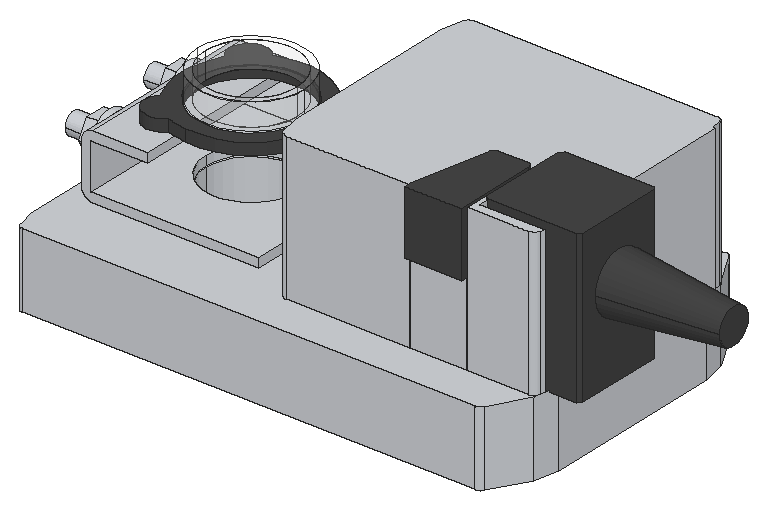
Revit family "ダンパ操作器_ver2021", category 電気設備, Revit 2021
Family settings
  パネル構成 = 二列表示、回路横
  丸型コネクタ寸法 = 直径を使用
  パーツ タイプ = 分電盤
  作業面ベース = いいえ
  常に垂直 = はい
  ロード時にボイドで切り取り = いいえ
  共有 = いいえ
  部屋計算ポイント = いいえ
Parameters
  直径 [instance] = 10 mm
  既定の高さ = 0 mm
  ダクトφ [instance] = 25.998 mm
Reference planes
  plane 1 "中心(正面/背面)": y = 0
  plane 2: z = 0
  plane 3 "中心(左/右)": x = 0
Forms (mm)
  Extrusion 1, solid
    sketch origin (0, 0, 0) x (1, 0, 0) y (0, 1, 0)
      loop
        line (99.773, 44.001) -> (-26.936, 44.001)
        arc (-26.936, 44.001) -> (-28.194, 43.556) -> (-28.892, 42.419) r 1.998
        line (-28.892, 42.419) -> (-30, 37.202) -> (-30, -37.198) -> (-28.892, -42.414)
        arc (-28.892, -42.414) -> (-28.428, -43.534) -> (-27.308, -43.998) r 1.584
        line (-27.308, -43.998) -> (99.693, -43.998)
        arc (99.693, -43.998) -> (100.892, -43.676) -> (101.771, -42.798) r 2.399
        line (101.771, -42.798) -> (107.554, -32.781) -> (109.005, -25.953) -> (109.005, 25.958) -> (107.554, 32.785) -> (101.771, 42.803)
        arc (101.771, 42.803) -> (100.927, 43.66) -> (99.773, 44.001) r 2.399
    from 0 to 21
  Extrusion 2, solid
    sketch origin (0, 250.898, 0) x (1, 0, 0) y (0, 1, 0)
      loop
        line (105.888, -217.394) -> (37.647, -217.394)
        arc (37.647, -217.394) -> (36.389, -217.839) -> (35.692, -218.977) r 1.999
        line (35.692, -218.977) -> (34.406, -225.023) -> (34.406, -275.754) -> (35.692, -281.8)
        arc (35.692, -281.8) -> (36.389, -282.938) -> (37.647, -283.383) r 1.999
        line (37.647, -283.383) -> (72.327, -283.383) -> (76.964, -261.569)
        arc (76.964, -261.569) -> (77.662, -260.433) -> (78.92, -259.988) r 2
        line (78.92, -259.988) -> (86.4, -259.988)
        arc (86.4, -259.988) -> (87.814, -260.574) -> (88.4, -261.988) r 2
        line (88.4, -261.988) -> (88.4, -283.383) -> (105.888, -283.383)
        arc (105.888, -283.383) -> (107.146, -282.938) -> (107.844, -281.8) r 1.999
        line (107.844, -281.8) -> (108.082, -280.681) -> (89.897, -280.681) -> (89.897, -251.681) -> (108.998, -251.681) -> (108.998, -222.079) -> (108.37, -221.451) -> (107.855, -218.975)
        arc (107.855, -218.975) -> (107.155, -217.832) -> (105.888, -217.394) r 1.986
    from 21 to 62
  Extrusion 3, solid, material "プラスチック"
    sketch origin (0, 250.898, 0) x (1, 0, 0) y (0, 1, 0)
      loop
        line (90.298, -278.688) -> (91.298, -279.688) -> (116.298, -279.688) -> (117.298, -278.689) -> (117.298, -253.688) -> (116.298, -252.688) -> (91.298, -252.688) -> (90.298, -253.688) -> (90.298, -278.688)
    from 21 to 63.4
  Blend 4, solid, material "プラスチック"
    base sketch origin (-132.702, 454.065, 0) x (0, 1, 0) y (0, 0, 1)
      loop
        circle (-469.356, 45.9) r 5
    top sketch origin (0, 454.065, 0) x (0, 1, 0) y (0, 0, 1)
      loop
        circle (-469.356, 45.9) r 8.433
    from 282.301 to 117.298
  Extrusion 5, solid, material "プラスチック"
    sketch origin (0, 250.898, 0) x (1, 0, 0) y (0, 1, 0)
      loop
        arc (78.92, -259.988) -> (77.662, -260.433) -> (76.964, -261.569) r 2
        line (76.964, -261.569) -> (72.4, -283.041) -> (72.4, -285.21) -> (88.4, -285.21) -> (88.4, -261.988)
        arc (88.4, -261.988) -> (87.814, -260.574) -> (86.4, -259.988) r 2
        line (86.4, -259.988) -> (78.92, -259.988)
    from 44.334 to 62.4
  Extrusion 6, solid
    sketch origin (0, 250.898, 0) x (1, 0, 0) y (0, 1, 0)
      loop
        arc (78.913, -259.888) -> (77.511, -260.293) -> (76.724, -261.522) r 2.071
        line (76.724, -261.522) -> (72.327, -283.383) -> (88.483, -283.383) -> (88.639, -261.988)
        arc (88.639, -261.988) -> (87.983, -260.405) -> (86.401, -259.75) r 2.238
        line (86.401, -259.75) -> (78.913, -259.888)
    from 21 to 44.334
  Extrusion 7, solid, material "プラスチック(クリア)"
    sketch origin (0, 2.375, 0) x (1, 0, 0) y (0, 1, 0)
      loop
        circle (0, 0) r 15
      loop
        circle (-0.001, 0) r 13
    from 42.9 to 50.45
  Extrusion 8, solid, material "プラスチック"
    sketch origin (0, 252.763, 0) x (1, 0, 0) y (0, 1, 0)
      loop
        arc (-8.884, -232.019) -> (-16.303, -231.549) -> (-16.755, -238.969) r 5.25
        line (-16.755, -238.969) -> (-18.506, -244.242)
        arc (-18.506, -244.242) -> (-19.126, -246.588) -> (-19.45, -248.992) r 19.5
        arc (-19.45, -248.992) -> (-19.349, -252.81) -> (-18.506, -256.535) r 19.5
        line (-18.506, -256.535) -> (-16.755, -261.807)
        arc (-16.755, -261.807) -> (-16.303, -269.228) -> (-8.884, -268.758) r 5.25
        line (-8.884, -268.758) -> (-2.944, -269.665)
        arc (-2.944, -269.665) -> (19.5, -250.388) -> (-2.944, -231.112) r 19.5
        line (-2.944, -231.112) -> (-8.884, -232.019)
      loop
        circle (0, -250.388) r 15.491
    from 39.5 to 42.9
  Extrusion 9, solid
    sketch origin (0, 0, 0) x (1, 0, 0) y (0, 0, 1)
      loop
        line (-6.5, 39.5) -> (-22, 39.5)
        arc (-22, 39.5) -> (-24.121, 38.621) -> (-25, 36.5) r 3
        line (-25, 36.5) -> (-25, 24.5)
        arc (-25, 24.5) -> (-24.121, 22.379) -> (-22, 21.5) r 3
        line (-22, 21.5) -> (24.765, 21.5) -> (24.765, 24) -> (-22.5, 24) -> (-22.5, 37) -> (-6.5, 37) -> (-6.5, 39.5)
    from -26.002 to 25.953
  Extrusion 10, solid
    sketch origin (0, 0, 0) x (0, 1, 0) y (0, 0, 1)
      loop
        circle (13.802, 31) r 7
      loop
        circle (13.802, 31) r 3
    from -27 to -25
  Extrusion 11, solid
    sketch origin (0, 0, 0) x (0, 1, 0) y (0, 0, 1)
      loop
        line (8.068, 31) -> (10.935, 26.035) -> (16.668, 26.035) -> (19.535, 31) -> (16.668, 35.965) -> (10.935, 35.965) -> (8.068, 31)
    from -27 to -31
  Extrusion 12, solid
    sketch origin (0, 0, 0) x (0, 1, 0) y (0, 0, 1)
      loop
        circle (13.802, 31) r 3
    from -31 to -37
  Extrusion 13, solid
    sketch origin (0, -27.6, 0) x (0, 1, 0) y (0, 0, 1)
      loop
        circle (13.802, 31) r 7
      loop
        circle (13.802, 31) r 3
    from -27 to -25
  Extrusion 14, solid
    sketch origin (0, -27.6, 0) x (0, 1, 0) y (0, 0, 1)
      loop
        line (8.068, 31) -> (10.935, 26.035) -> (16.668, 26.035) -> (19.535, 31) -> (16.668, 35.965) -> (10.935, 35.965) -> (8.068, 31)
    from -27 to -31
  Extrusion 15, solid
    sketch origin (0, -27.6, 0) x (0, 1, 0) y (0, 0, 1)
      loop
        circle (13.802, 31) r 3
    from -31 to -37
  Extrusion 16, void
    sketch origin (0, 0, 0) x (1, 0, 0) y (0, 1, 0)
      loop
        circle (-0.002, 2.375) r 12.999
    from 0 to 24
Cuts and joins
  Extrusion 16 cuts Extrusion 1
  Extrusion 16 cuts Extrusion 9
Dimensions and locks
  "直径": diameter of Blend 4 sketch curve
  "ダクトφ": diameter of Extrusion 16 sketch curve
  aligned and locked: level to plane 2
Automatic sketch dimensions
  Extrusion 1 sketch curve to plane 3 "中心(左/右)" = 30 mm
  Extrusion 1 sketch curve to Extrusion 1 sketch curve = 1.109 mm  (x2)
  Extrusion 1 sketch curve to Extrusion 1 sketch curve = 1.584 mm
  Extrusion 1 sketch curve to Extrusion 1 sketch curve = 1.954 mm
  Extrusion 1 sketch curve to Extrusion 1 sketch curve = 0.002 mm
  Extrusion 1 sketch curve to plane 1 "中心(正面/背面)" = 41.603 mm
  plane 3 "中心(左/右)" to Extrusion 1 sketch curve = 99.693 mm
  plane 1 "中心(正面/背面)" to Extrusion 1 sketch curve = 41.599 mm
  Extrusion 1 sketch curve to Extrusion 1 sketch curve = 0 mm
  Extrusion 1 sketch curve to Extrusion 1 sketch curve = 0.08 mm
  plane 1 "中心(正面/背面)" to Extrusion 1 sketch curve = 42.798 mm
  Extrusion 1 sketch curve to Extrusion 1 sketch curve = 2.078 mm
  Extrusion 1 sketch curve to plane 1 "中心(正面/背面)" = 42.803 mm
  Extrusion 1 sketch curve to Extrusion 1 sketch curve = 1.997 mm
  Extrusion 1 sketch curve to plane 1 "中心(正面/背面)" = 32.785 mm
  Extrusion 1 sketch curve to Extrusion 1 sketch curve = 5.783 mm  (x2)
  plane 1 "中心(正面/背面)" to Extrusion 1 sketch curve = 32.781 mm
  plane 1 "中心(正面/背面)" to Extrusion 1 sketch curve = 25.953 mm
  Extrusion 1 sketch curve to Extrusion 1 sketch curve = 1.451 mm
  Extrusion 1 sketch curve to Extrusion 1 sketch curve = 5.216 mm
  Extrusion 1 sketch curve to Extrusion 1 sketch curve = 6.828 mm
  Extrusion 1 sketch curve to Extrusion 1 sketch curve = 6.799 mm
  Extrusion 1 sketch curve to Extrusion 1 sketch curve = 1.998 mm
  plane 3 "中心(左/右)" to Extrusion 2 sketch curve = 34.406 mm
  Extrusion 2 sketch curve to Extrusion 2 sketch curve = 1.285 mm  (x2)
  Extrusion 2 sketch curve to Extrusion 2 sketch curve = 1.956 mm  (x3)
  plane 1 "中心(正面/背面)" to Extrusion 2 sketch curve = 32.485 mm
  Extrusion 2 sketch curve to Extrusion 2 sketch curve = 34.68 mm
  plane 1 "中心(正面/背面)" to Extrusion 2 sketch curve = 10.67 mm
  Extrusion 2 sketch curve to Extrusion 2 sketch curve = 4.637 mm
  Extrusion 2 sketch curve to Extrusion 2 sketch curve = 1.955 mm
  Extrusion 2 sketch curve to Extrusion 2 sketch curve = 7.48 mm
  Extrusion 2 sketch curve to Extrusion 2 sketch curve = 16.073 mm
  plane 1 "中心(正面/背面)" to Extrusion 2 sketch curve = 0.782 mm
  Extrusion 2 sketch curve to Extrusion 2 sketch curve = 3.497 mm
  Extrusion 2 sketch curve to Extrusion 2 sketch curve = 15.991 mm  (x2)
  Extrusion 2 sketch curve to Extrusion 2 sketch curve = 0.022 mm
  plane 1 "中心(正面/背面)" to Extrusion 2 sketch curve = 30.901 mm
  Extrusion 2 sketch curve to plane 1 "中心(正面/背面)" = 31.923 mm
  Extrusion 2 sketch curve to Extrusion 2 sketch curve = 1.944 mm
  Extrusion 2 sketch curve to Extrusion 2 sketch curve = 0.238 mm
  Extrusion 2 sketch curve to plane 1 "中心(正面/背面)" = 29.448 mm
  Extrusion 2 sketch curve to Extrusion 2 sketch curve = 0.515 mm
  Extrusion 2 sketch curve to Extrusion 2 sketch curve = 19.101 mm
  Extrusion 2 sketch curve to Extrusion 2 sketch curve = 0 mm
  Extrusion 2 sketch curve to Extrusion 2 sketch curve = 1.584 mm
  Extrusion 2 sketch curve to Extrusion 2 sketch curve = 1.119 mm
  Extrusion 2 sketch curve to Extrusion 2 sketch curve = 6.046 mm
  Extrusion 2 sketch curve to Extrusion 2 sketch curve = 10.308 mm
  Extrusion 2 sketch curve to plane 1 "中心(正面/背面)" = 25.875 mm
  Extrusion 2 sketch curve to Extrusion 2 sketch curve = 0.629 mm
  Extrusion 2 sketch curve to Extrusion 2 sketch curve = 5.63 mm
  Extrusion 2 sketch curve to Extrusion 2 sketch curve = 0.404 mm
  plane 1 "中心(正面/背面)" to Extrusion 3 sketch curve = 27.79 mm
  plane 3 "中心(左/右)" to Extrusion 3 sketch curve = 90.298 mm
  Extrusion 3 sketch curve to Extrusion 3 sketch curve = 1 mm  (x5)
  plane 1 "中心(正面/背面)" to Extrusion 3 sketch curve = 1.79 mm
  Extrusion 3 sketch curve to Extrusion 3 sketch curve = 24.999 mm  (x2)
  plane 1 "中心(正面/背面)" to Extrusion 3 sketch curve = 27.791 mm
  Extrusion 3 sketch curve to Extrusion 3 sketch curve = 0.999 mm
  plane 1 "中心(正面/背面)" to Blend 4 sketch curve = 15.29 mm  (x2)
  level to Blend 4 sketch curve = 45.9 mm  (x2)
  plane 1 "中心(正面/背面)" to Extrusion 5 sketch curve = 34.311 mm
  plane 3 "中心(左/右)" to Extrusion 5 sketch curve = 72.4 mm
  plane 1 "中心(正面/背面)" to Extrusion 5 sketch curve = 10.67 mm
  Extrusion 5 sketch curve to Extrusion 5 sketch curve = 4.564 mm
  Extrusion 5 sketch curve to Extrusion 5 sketch curve = 1.955 mm
  Extrusion 5 sketch curve to Extrusion 5 sketch curve = 7.48 mm
  Extrusion 5 sketch curve to Extrusion 5 sketch curve = 2 mm
  Extrusion 5 sketch curve to Extrusion 5 sketch curve = 0.42 mm
  Extrusion 5 sketch curve to Extrusion 5 sketch curve = 2.169 mm
  plane 1 "中心(正面/背面)" to Extrusion 6 sketch curve = 32.485 mm
  plane 3 "中心(左/右)" to Extrusion 6 sketch curve = 72.327 mm
  plane 1 "中心(正面/背面)" to Extrusion 6 sketch curve = 10.624 mm
  Extrusion 6 sketch curve to Extrusion 6 sketch curve = 4.397 mm
  Extrusion 6 sketch curve to Extrusion 6 sketch curve = 2.026 mm
  plane 1 "中心(正面/背面)" to Extrusion 6 sketch curve = 8.99 mm
  Extrusion 6 sketch curve to Extrusion 6 sketch curve = 0.163 mm
  plane 1 "中心(正面/背面)" to Extrusion 6 sketch curve = 8.851 mm
  Extrusion 6 sketch curve to Extrusion 6 sketch curve = 7.488 mm
  Extrusion 6 sketch curve to Extrusion 6 sketch curve = 16.155 mm
  plane 1 "中心(正面/背面)" to Extrusion 6 sketch curve = 11.089 mm
  Extrusion 7 sketch curve to plane 3 "中心(左/右)" = 0 mm
  Extrusion 7 sketch curve to plane 3 "中心(左/右)" = 0.001 mm
  Extrusion 7 sketch curve to plane 1 "中心(正面/背面)" = 2.375 mm
  Extrusion 7 sketch curve to Extrusion 7 sketch curve = 0 mm
  Extrusion 8 sketch curve to Extrusion 8 sketch curve = 0 mm  (x14)
  Extrusion 8 sketch curve to plane 3 "中心(左/右)" = 16.755 mm  (x2)
  Extrusion 8 sketch curve to Extrusion 8 sketch curve = 3.927 mm  (x2)
  Extrusion 8 sketch curve to Extrusion 8 sketch curve = 3.944 mm  (x2)
  Extrusion 8 sketch curve to plane 3 "中心(左/右)" = 2.944 mm  (x2)
  plane 3 "中心(左/右)" to Extrusion 8 sketch curve = 0 mm
  plane 1 "中心(正面/背面)" to Extrusion 8 sketch curve = 16.901 mm
  Extrusion 8 sketch curve to Extrusion 8 sketch curve = 0.907 mm
  Extrusion 8 sketch curve to Extrusion 8 sketch curve = 3.465 mm
  Extrusion 8 sketch curve to plane 1 "中心(正面/背面)" = 2.375 mm
  Extrusion 8 sketch curve to plane 1 "中心(正面/背面)" = 13.794 mm
  Extrusion 8 sketch curve to Extrusion 8 sketch curve = 3.485 mm
  Extrusion 8 sketch curve to Extrusion 8 sketch curve = 1.751 mm  (x2)
  plane 1 "中心(正面/背面)" to Extrusion 8 sketch curve = 3.771 mm
  Extrusion 8 sketch curve to plane 1 "中心(正面/背面)" = 8.521 mm
  Extrusion 8 sketch curve to plane 1 "中心(正面/背面)" = 3.771 mm
  Extrusion 8 sketch curve to Extrusion 8 sketch curve = 0.944 mm
  Extrusion 9 sketch curve to plane 3 "中心(左/右)" = 25 mm
  Extrusion 9 sketch curve to Extrusion 9 sketch curve = 2.5 mm  (x3)
  Extrusion 9 sketch curve to Extrusion 9 sketch curve = 0.5 mm  (x2)
  Extrusion 9 sketch curve to plane 3 "中心(左/右)" = 6.5 mm
  plane 3 "中心(左/右)" to Extrusion 9 sketch curve = 24.765 mm
  level to Extrusion 9 sketch curve = 21.5 mm
  Extrusion 9 sketch curve to Extrusion 9 sketch curve = 12 mm
  Extrusion 10 sketch curve to Extrusion 10 sketch curve = 0 mm  (x2)
  Extrusion 10 sketch curve to plane 1 "中心(正面/背面)" = 13.802 mm
  level to Extrusion 10 sketch curve = 31 mm
  Extrusion 11 sketch curve to plane 1 "中心(正面/背面)" = 8.068 mm
  Extrusion 11 sketch curve to Extrusion 11 sketch curve = 2.867 mm  (x3)
  Extrusion 11 sketch curve to Extrusion 11 sketch curve = 5.733 mm  (x2)
  level to Extrusion 11 sketch curve = 26.035 mm
  Extrusion 11 sketch curve to Extrusion 11 sketch curve = 4.965 mm  (x3)
  Extrusion 12 sketch curve to Extrusion 12 sketch curve = 0 mm  (x2)
  Extrusion 12 sketch curve to plane 1 "中心(正面/背面)" = 13.802 mm
  level to Extrusion 12 sketch curve = 31 mm
  Extrusion 12 sketch curve to Extrusion 12 sketch curve = 3 mm
  Extrusion 13 sketch curve to Extrusion 13 sketch curve = 0 mm  (x2)
  plane 1 "中心(正面/背面)" to Extrusion 13 sketch curve = 13.798 mm
  level to Extrusion 13 sketch curve = 31 mm
  plane 1 "中心(正面/背面)" to Extrusion 14 sketch curve = 19.532 mm
  Extrusion 14 sketch curve to Extrusion 14 sketch curve = 2.867 mm  (x3)
  Extrusion 14 sketch curve to Extrusion 14 sketch curve = 5.733 mm  (x2)
  level to Extrusion 14 sketch curve = 26.035 mm
  Extrusion 14 sketch curve to Extrusion 14 sketch curve = 4.965 mm  (x3)
  Extrusion 15 sketch curve to Extrusion 15 sketch curve = 0 mm  (x2)
  plane 1 "中心(正面/背面)" to Extrusion 15 sketch curve = 13.798 mm
  level to Extrusion 15 sketch curve = 31 mm
  Extrusion 15 sketch curve to Extrusion 15 sketch curve = 3 mm
  Extrusion 16 sketch curve to plane 3 "中心(左/右)" = 0.002 mm
  Extrusion 16 sketch curve to plane 1 "中心(正面/背面)" = 2.375 mm
  radius of Blend 4 sketch curve = 8.433 mm
  radius of Extrusion 7 sketch curve = 15 mm
  radius of Extrusion 7 sketch curve = 13 mm
  radius of Extrusion 8 sketch curve = 15.491 mm
  radius of Extrusion 10 sketch curve = 7 mm
  radius of Extrusion 10 sketch curve = 3 mm
  radius of Extrusion 13 sketch curve = 7 mm
  radius of Extrusion 13 sketch curve = 3 mm
Connectors
  cabletrayconduit at (149.598, -15.29, 45.9), diameter 10, driven by "直径"
    settings: on Blend 4, index 1, connector width 300 mm, connector height 300 mm, connector angle 0.00°, system type 32, placement type 0, profile type 0, connector reference index -1, is primary connector yes, connector utility param no, connector description ""
  electrical at (47.436, 0.002, 21)
    settings: on Extrusion 1, index 2, voltage 0 V, apparent load 0 VA, apparent load phase1 0 VA, apparent load phase2 0 VA, apparent load phase3 0 VA, power factor 1, load classification "その他", number of poles 1, system type 14, power factor state 1, is connector primary yes, connector utility no, sub classification motor no, connector description ""
  hvac at (-0.002, 2.375, 24), driven by "ダクトφ"
    settings: on cut or joined group of Extrusion 9, Extrusion 16, index 3, duct flow 0.0 L/s, flow factor 0, pres drop 0.0 Pa, loss coef 0, conn angle 0.00°, conn width 304.8 mm, conn height 304.8 mm, conn diameter 25.998 mm, duct sys type 29, conn prof type 0, flow config 0, flow direction 0, loss method 0, conn ref index -1, conn util no, is conn primary yes, conn desc ""
